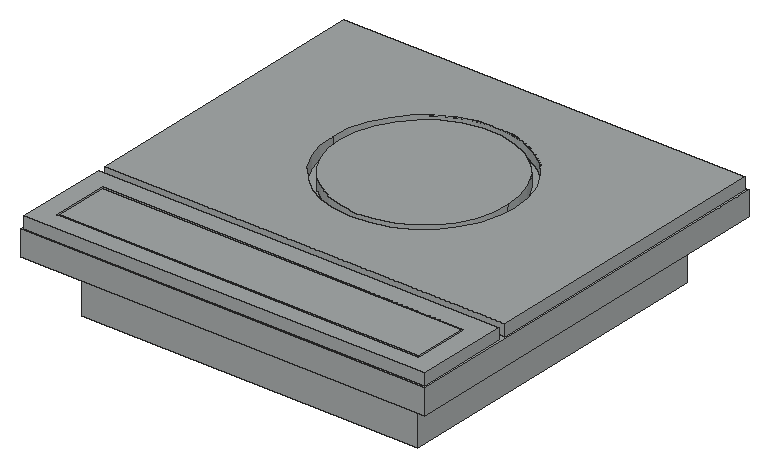
Revit family "Gira_5565920", category Electrical Fixtures, host Face, Revit 2017
Family settings
  Host = Face
  Maintain Annotation Orientation = Yes
  Round Connector Dimension = Use Diameter
  Part Type = Normal
  Cut with Voids When Loaded = No
  Shared = No
  Room Calculation Point = No
Parameters (values of type "Türstationsmodul System 106 Edelstahl")
  URL = "http://katalog.gira.de/de_DE/datenblatt.html?artikelnr=5565920"
  Region = "DE"
  Name = "Türstationsmodul System 106 Edelstahl"
  Model = "Sys106_Abdeckung_Schalten und Tasten"
  Manufacturer URL = "https://www.gira.de/"
  Installationstechnik = "Bus-System"
  Höhe = "0,1065 m"
  HeinzeBIM = "https://bimportal.heinze.de/bim/tuerstationsmodul-system-106-edelstahl/a15f17b23f5b4cfbcb33d3e7532bf2c7c2c288d6"
  HAN = "5565920"
  GTIN = "4010337022480"
  Edelstahl [instance] = Edelstahl
  Default Elevation = 1219.2 mm
  Data sheet (1) = "https://katalog.gira.de/de_DE/download.html?artikelnr=5565920"
  Category = "Funktionsmodul für Türkommunikation"
  Breite = "0,1065 m"
  Available = "Yes"
  Anzahl der Klingeltasten = "1 "
Reference planes
  plane 1 "Center (Front/Back)": y = 0
  plane 2 "Reference Level 0": z = 0
  plane 3 "Center (Left/Right)": x = 0
  plane 4 "Reference Level 1": z = 9.5
Forms (mm)
  Extrusion 1, solid, material "Edelstahl" <- "Edelstahl", detail levels coarse
    sketch origin (0, 0, 0) x (1, 0, 0) y (0, 1, 0)
      loop
        line (-53, 53) -> (-53, -53) -> (53, -53) -> (53, 53) -> (-53, 53)
    from -14.7 to 9.5
  Extrusion 2, solid, material "Edelstahl" <- "Edelstahl", detail levels fine
    sketch origin (0, 0, 0) x (1, 0, 0) y (0, 1, 0)
      loop
        line (52.5, -28) -> (-52.5, -28) -> (-52.5, -52.5) -> (52.5, -52.5) -> (52.5, -28)
      loop
        line (-47.5, -48) -> (47.5, -48) -> (47.5, -33) -> (-47.5, -33) -> (-47.5, -48)
    from 6.5 to 9.5
  Extrusion 3, solid, material "Edelstahl" <- "Edelstahl", detail levels fine
    sketch origin (0, 0, 0) x (1, 0, 0) y (0, 1, 0)
      loop
        line (-52.5, 52.5) -> (-52.5, -26) -> (52.5, -26) -> (52.5, 52.5) -> (-52.5, 52.5)
      loop
        circle (0, 13) r 24
    from 6.5 to 9.5
  Extrusion 4, solid, material "Edelstahl" <- "Edelstahl", detail levels medium+fine
    sketch origin (0, 0, 0) x (1, 0, 0) y (0, 1, 0)
      loop
        line (-53, 53) -> (-53, -53) -> (53, -53) -> (53, 53) -> (-53, 53)
    from 0 to 6.5
  Extrusion 5, solid, material "Edelstahl" <- "Edelstahl", detail levels fine
    sketch origin (0, 0, 0) x (1, 0, 0) y (0, 1, 0)
      loop
        line (-44, 44) -> (-44, -44) -> (44, -44) -> (44, 44) -> (-44, 44)
    from -14.7 to 0
  Extrusion 6, solid, material "Edelstahl" <- "Edelstahl", detail levels fine
    sketch origin (0, 0, 0) x (1, 0, 0) y (0, 1, 0)
      loop
        circle (0, 13) r 22
    from 6.5 to 9.5
  Extrusion 7, solid, material "Edelstahl" <- "Edelstahl", detail levels fine
    sketch origin (0, 0, 0) x (1, 0, 0) y (0, 1, 0)
      loop
        line (-47, -33.5) -> (-47, -47.5) -> (47, -47.5) -> (47, -33.5) -> (-47, -33.5)
    from 6.5 to 9.5
  Extrusion 8, solid, material "Edelstahl" <- "Edelstahl", detail levels medium
    sketch origin (0, 0, 0) x (1, 0, 0) y (0, 1, 0)
      loop
        line (-52.5, 52.5) -> (-52.5, -26) -> (52.5, -26) -> (52.5, 52.5) -> (-52.5, 52.5)
      loop
        line (-52.5, -28) -> (-52.5, -52.5) -> (52.5, -52.5) -> (52.5, -28) -> (-52.5, -28)
    from 6.5 to 9.5
  Extrusion 9, solid, material "Edelstahl" <- "Edelstahl", detail levels medium
    sketch origin (0, 0, 0) x (1, 0, 0) y (0, 1, 0)
      loop
        circle (0, 13) r 24
      loop
        line (-47.5, -33) -> (-47.5, -48) -> (47.5, -48) -> (47.5, -33) -> (-47.5, -33)
    from 6.5 to 9.5
Dimensions and locks
  aligned and locked: plane 2 "Reference Level 0" to host face
  aligned and locked: level to host face
  aligned and locked: Extrusion 4 to host face
  aligned and locked: Extrusion 4 to level
  aligned and locked: level to Extrusion 5
  aligned and locked: level to Extrusion 4
  aligned and locked: Extrusion 4 to plane 2 "Reference Level 0"
  aligned and locked: plane 2 "Reference Level 0" to Extrusion 5
  aligned and locked: plane 3 "Center (Left/Right)" to nested 1
  aligned and locked: plane 1 "Center (Front/Back)" to nested 1
Nested families
  nested 1: "Schalter" at (0, 0, 0), type "Schalter"
Connectors
  electrical at (0, 0, -14.7)
    settings: on Extrusion 5, index 1, voltage 220 V, apparent load 0 VA, apparent load phase1 0 VA, apparent load phase2 0 VA, apparent load phase3 0 VA, power factor 1, load classification "Other", number of poles 1, system type 30, power factor state 1, is connector primary yes, connector utility no, sub classification motor no, connector description ""
Definition of nested family "Schalter"
  Reference planes
    plane 1: y = 0
    plane 2: x = 0
  Lines and regions (mm)
    detail lines
      curve 1: circle (1.375, 2.778, 0) r 0.8 normal (0, 0, 1)
      curve 2: line (1.021, 2.061, 0) -> (0, 0, 0)
      curve 3: line (0, 0, 0) -> (-0.538, 0.266, 0)
  Dimensions and locks
    curve 2 to curve 2 = 2.3 mm
    curve 3 to curve 2 = 0.6 mm
    radius of curve 1 = 0.8 mm
